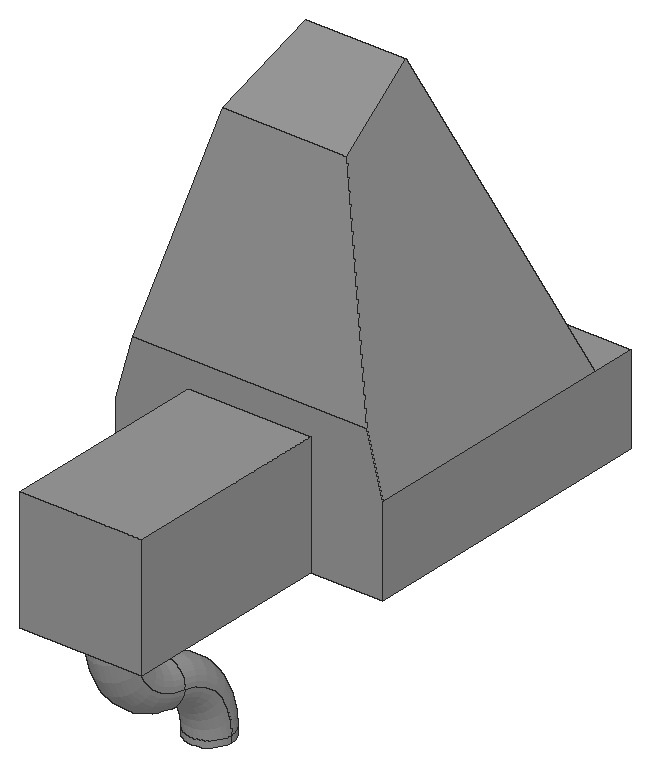
Revit family "Urinal-Willoughby-UW-1412-WO-TS", category Plumbing Fixtures, Revit 2015
Parameters (values of type "Standard")
  Waste DIA = 2"
  Waste Connection = yes
  Vent Connection = no
  URL = "https://www.willoughby-ind.com/wp-content/uploads/2018/01/UW-1412-WO.pdf"
  Type Comments = ""
  Revision = "A"
  Model = "UW-1412-WO-TS"
  Manufacturer = "Willoughby Industries"
  HW Connection = no
  Flush Inlet DIA = 3/4"
  Flush Inlet Connection = yes
  Fixture Body = Stainless Steel AISI 304-Willoughby
  Description = "Rear Mounted Wash Out Urinal, Top Spud"
  Default Elevation = 1' - 2"
  Contact Info. = "(800) 428-4065"
  CW Connection = no
Reference planes (in)
  plane 1 "Center (Front/Back)": y = 0
  plane 2: z = 0
  plane 3 "Center (Left/Right)": x = 0
Forms (in)
  Extrusion 1, solid, material "Stainless Steel AISI 304-Willoughby" <- "Fixture Body"
    sketch origin (0, 0, 0) x (1, 0, 0) y (0, 0, 1)
      loop
        line (-6, 4) -> (-6, 0) -> (6, 0) -> (6, 4) -> (-6, 4)
    from -14 to 0
  Extrusion 2, solid, material "Stainless Steel AISI 304-Willoughby" <- "Fixture Body"
    sketch origin (0, 0, -0.06446) x (0, 1, 0) y (0, 0, 1)
      loop
        line (0, 4.06446) -> (11.97238, 4.06446) -> (6, 18) -> (2, 16) -> (0, 6.75) -> (0, 4.06446)
    from -6 to 6
  Extrusion 3, void, detail levels fine
    sketch origin (0, 0, 0) x (1, 0, 0) y (0, 0, 1)
      loop
        line (2.25, 17.93554) -> (6, 4) -> (8.25, 4) -> (8.25, 17.93554) -> (2.25, 17.93554)
    from 0 to -14
  Extrusion 4, void, detail levels fine
    sketch origin (0, 0, 0) x (-1, 0, 0) y (0, 0, -1)
      loop
        line (2.25, -17.93554) -> (8.25, -17.93554) -> (8.25, -4) -> (6, -4) -> (2.25, -17.93554)
    from 0 to -14
  Extrusion 5, void, detail levels fine
    sketch origin (0, 0, 0) x (1, 0, 0) y (0, 0, 1)
      loop
        line (1.77095, 17.31054) -> (-1.77095, 17.31054) -> (-5.35277, 4) -> (5.35277, 4) -> (1.77095, 17.31054)
    from -5.08704 to -12.29395
  Extrusion 6, void
    sketch origin (0, 0, 0) x (1, 0, 0) y (0, 0, 1)
      loop
        line (5.35277, 4) -> (-5.35277, 4) -> (-5.35277, 1) -> (5.35277, 1) -> (5.35277, 4)
    from -5.08704 to -12.29395
  Extrusion 7, solid, material "Stainless Steel AISI 304-Willoughby" <- "Fixture Body"
    sketch origin (0, 0, -1.18554) x (0, 1, 0) y (0, 0, 1)
      loop
        line (0, 6.68554) -> (-9.5, 6.68554) -> (-9.5, 1.18554) -> (0, 1.18554) -> (0, 6.68554)
    from -2.75 to 2.75
  Sweep 8, solid, material "Stainless Steel AISI 304-Willoughby" <- "Fixture Body"
    path origin (0, 0, 0) x (0, 1, 0) y (0, 0, 1)
      loop
        arc (-7.74999, -0.0062) -> (-6.93002, -2.15812) -> (-4.89, -3.22652) r 3.25
        arc (-4.89, -3.22652) -> (-3.00501, -4.21486) -> (-2.25, -6.20484) r 3
        line (-2.25, -6.20484) -> (-2.25, -6.5)
    profile origin (0, -2.25, -6.35242) x (1, 0, 0) y (0, 1, 0)
      loop
        circle (0, 0) r 1
  Extrusion 9, solid, material "Stainless Steel AISI 304-Willoughby" <- "Fixture Body"
    sketch origin (0, 14.44537, -10.05463) x (1, 0, 0) y (0, 0, 1)
      loop
        circle (0, 12.75) r 0.375
    from -0.25 to 0.44537
Cuts and joins
  Extrusion 3, Extrusion 4, Extrusion 5, Extrusion 6 cuts Extrusion 1
  Extrusion 3, Extrusion 4, Extrusion 5, Extrusion 6 cuts Extrusion 2
  joined: Extrusion 1, Extrusion 2
Lines and regions (in)
  symbolic lines
    curve 1: line (2.75, 0, 0) -> (2.75, -9.5, 0)
    curve 2: line (2.75, -9.5, 0) -> (-2.75, -9.5, 0)
    curve 3: line (-2.75, -9.5, 0) -> (-2.75, 0, 0)
    curve 4: line (6, 0, 0) -> (-6, 0, 0)
    curve 5: line (-6, 0, 0) -> (-6, 14, 0)
    curve 6: line (-6, 14, 0) -> (6, 14, 0)
    curve 7: line (6, 14, 0) -> (6, 0, 0)
    curve 8: line (5.27733, 0, 0) -> (2.78819, 2, 0)
    curve 9: line (2.78819, 2, 0) -> (-2.78819, 2, 0)
    curve 10: line (-2.78819, 2, 0) -> (-5.27733, 0, 0)
    curve 11: line (-2.78819, 2, 0) -> (-2.25, 6, 0)
    curve 12: line (-2.25, 6, 0) -> (2.25, 6, 0)
    curve 13: line (2.25, 6, 0) -> (2.78819, 2, 0)
    curve 14: line (6, 11.97238, 0) -> (2.25, 6, 0)
    curve 15: line (-2.25, 6, 0) -> (-6, 11.97238, 0)
    curve 16: line (-5.35277, 11.97238, 0) -> (-5.35277, 12.29395, 0)
    curve 17: line (-5.35277, 12.29395, 0) -> (5.35277, 12.29395, 0)
    curve 18: line (5.35277, 12.29395, 0) -> (5.35277, 11.97238, 0)
    curve 19: line (5.35277, 11.97238, 0) -> (1.77095, 6.26786, 0)
    curve 20: line (1.77095, 6.26786, 0) -> (-1.77095, 6.26786, 0)
    curve 21: line (-1.77095, 6.26786, 0) -> (-5.35277, 11.97238, 0)
    curve 22: line (-6, 0, 0) -> (6, 0, 0)
    curve 23: line (6, 0, 0) -> (6, 0, 4)
    curve 25: line (6, 0, 4) -> (2.25, 0, 17.93554)
    curve 26: line (2.25, 0, 17.93554) -> (-2.25, 0, 17.93554)
    curve 27: line (-2.25, 0, 17.93554) -> (-6, 0, 4)
    curve 31: line (0, -9.5, 0) -> (0, 14, 0)
    curve 32: line (0, 14, 0) -> (0, 14, 4)
    curve 33: line (0, 14, 4) -> (0, 0, 4)
    curve 34: line (0, 11.97238, 4) -> (0, 6, 17.93554)
    curve 35: line (0, 6, 17.93554) -> (0, 2, 15.93554)
    curve 36: line (0, 2, 15.93554) -> (0, 0, 6.68554)
    curve 37: line (0, 0, 6.68554) -> (0, 0, 0)
    curve 38: line (0, 0, 5.5) -> (0, -9.5, 5.5)
    curve 39: line (0, -9.5, 5.5) -> (0, -9.5, 0)
    curve 40: line (-6, 0, 4) -> (-6, 0, 0)
  symbolic lines, detail levels medium+fine
    curve 24: line (6, 0, 4) -> (-6, 0, 4)
  symbolic lines, detail levels fine
    curve 28: line (-5.35277, 0, 4) -> (-1.77095, 0, 17.31054)
    curve 29: line (-1.77095, 0, 17.31054) -> (1.77095, 0, 17.31054)
    curve 30: line (1.77095, 0, 17.31054) -> (5.35277, 0, 4)
Dimensions and locks (in)
  aligned and locked: cut or joined group of Extrusion 1, Extrusion 2, Extrusion 3, Extrusion 4, Extrusion 5, Extrusion 6 to cut or joined group of Extrusion 1, Extrusion 2, Extrusion 3, Extrusion 4, Extrusion 5, Extrusion 6  (x2)
  aligned and locked: curve 40 to cut or joined group of Extrusion 1, Extrusion 2, Extrusion 3, Extrusion 4, Extrusion 5, Extrusion 6
Connectors (in)
  piping at (0, -2.25, -6.5), diameter 2, driven by "Waste Connection", driven by "Waste DIA"
    settings: on Sweep 8, index 1, connector inside diameter 2", connector length 0' - 0", flow factor 0, pipe flow 0 GPM, pressure drop 0.00 psi, fitting loss kfactor 0, connector angle 0.00°, fixture units 0, engagement length 0' - 0", angle of deflection 0.00°, flow configuration 0, flow direction 2, fitting loss method 0, system type 16, joint type 0, gender type 0, connector reference index -1, connector utility 1, adjustable connector yes, is connector primary yes, connector description "Urinal Waste"
  piping at (0, 14.69537, 2.69537), diameter 0.75, driven by "Flush Inlet Connection", driven by "Flush Inlet DIA"
    settings: on Extrusion 9, index 2, connector inside diameter 3/4", connector length 0' - 0", flow factor 0, pipe flow 0 GPM, pressure drop 0.00 psi, fitting loss kfactor 0, connector angle 0.00°, fixture units 0, engagement length 0' - 0", angle of deflection 0.00°, flow configuration 0, flow direction 1, fitting loss method 0, system type 20, joint type 0, gender type 0, connector reference index -1, connector utility 1, adjustable connector no, is connector primary no, connector description "Flush Inlet"
